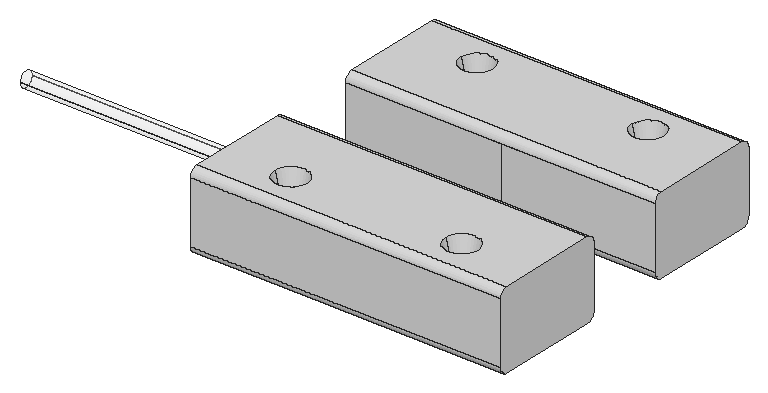
Revit family "Datchik polozheniya magnitogerkonovyy SK555", category Датчики, Revit 2023
Family settings
  Размер круглого соединителя = Использовать диаметр
  Тип детали = Нормальный
  Номер OmniClass = 23.85.50.17
  Заголовок OmniClass = Communication and Data Processing Equipment
  На основе рабочей плоскости = Нет
  Всегда вертикально = Да
  При загрузке вырезать с полостями = Нет
  Сохранять ориентацию аннотаций = Нет
  Общий = Нет
  Точка принадлежности помещению = Нет
Parameters (values of type "Датчик положения магнитогерконовый СК555 ABS")
  Тип геркона = "Нормально разомкнутый"
  Степень защиты оболочки = "IP66"
  Срок службы = "не менее 8 лет"
  Провод = yes
  Отметка по умолчанию = 0 mm
  Описание = "Датчик положения магнитогерконовый СК555 (далее датчик) предназначен для блокировки дверных и оконных проемов, других конструктивных элементов зданий и сооружений на открывание или смещение с выдачей извещения о тревоге на пульт централизованного наблюдения, прибор приёмно-контрольный или концентратор размыканием шлейфа сигнализации контактами встроенного геркона."
  Напряжение = "от 0,02 до 72 В"
  Максимальная мощность = "10 Вт"
  Кабель = Кабельный вывод
  Изготовитель = [ADSK_Завод-изготовитель]  # "ООО НПП «МАГНИТО-КОНТАКТ»"
  URL = "https://m-kontakt.ru/produkt/datch_dlya_magn_konstr/sk_555"
  ADSK_Размер_Ширина = 15 mm
  ADSK_Размер_Длина = 20 mm
  ADSK_Размер_Высота = 10 mm
  ADSK_Примечание = "Датчик предназначен для открытой установки на поверхности охраняемой конструкции."
  ADSK_Обозначение = "АТФЕ.425119.119"
  ADSK_Наименование краткое = "СК555"
  ADSK_Наименование = "Датчик положения магнитогерконовый СК555"
  ADSK_Материал = ABS пластик
  ADSK_Масса = 0.02
  ADSK_Завод-изготовитель = "ООО НПП «МАГНИТО-КОНТАКТ»"  # constant formula
  ADSK_Единица измерения = "шт."  # constant formula
Reference planes
  plane 1 "По центру (Вперед/Назад)": y = 0
  plane 2: z = 0
  plane 3 "По центру (Влево/Вправо)": x = 0
  plane 4: y = 5
  plane 5: y = -5
  plane 6: x = -20
  plane 7: x = 20
  plane 8: y = -20
  plane 9: y = 20
Forms (mm)
  Extrusion 1, solid, material "ABS пластик" <- "ADSK_Материал"
    sketch origin (0, 0, 0) x (1, 0, 0) y (0, 1, 0)
      loop
        line (0, 5) -> (20, 5) -> (20, 20) -> (-20, 20) -> (-20, 5) -> (0, 5)
      loop
        line (0, -5) -> (-20, -5) -> (-20, -20) -> (20, -20) -> (20, -5) -> (0, -5)
    from 0 to 10
  Extrusion 2, void
    sketch origin (0, 0, 0) x (1, 0, 0) y (0, 1, 0)
      loop
        circle (11.029, -15) r 1.611
      loop
        circle (-11.029, -15) r 1.611
      loop
        circle (11.029, 15) r 1.611
      loop
        circle (-11.029, 15) r 1.611
    from 0 to 10
  Extrusion 3, void
    sketch origin (0, 0, 0) x (0, 1, 0) y (0, 0, 1)
      loop
        line (20, 10) -> (18.981, 10)
        arc (18.981, 10) -> (19.702, 9.702) -> (20, 8.981) r 1.019
        line (20, 8.981) -> (20, 10)
      loop
        line (20, 0) -> (20, 1.029)
        arc (20, 1.029) -> (19.699, 0.301) -> (18.971, 0) r 1.029
        line (18.971, 0) -> (20, 0)
      loop
        line (5, 10) -> (5, 8.981)
        arc (5, 8.981) -> (5.298, 9.702) -> (6.019, 10) r 1.019
        line (6.019, 10) -> (5, 10)
      loop
        line (5, 0) -> (6.029, 0)
        arc (6.029, 0) -> (5.301, 0.301) -> (5, 1.029) r 1.029
        line (5, 1.029) -> (5, 0)
      loop
        line (-20, 10) -> (-20, 8.981)
        arc (-20, 8.981) -> (-19.702, 9.702) -> (-18.981, 10) r 1.019
        line (-18.981, 10) -> (-20, 10)
      loop
        line (-20, 0) -> (-18.971, 0)
        arc (-18.971, 0) -> (-19.699, 0.301) -> (-20, 1.029) r 1.029
        line (-20, 1.029) -> (-20, 0)
      loop
        line (-5, 10) -> (-6.019, 10)
        arc (-6.019, 10) -> (-5.298, 9.702) -> (-5, 8.981) r 1.019
        line (-5, 8.981) -> (-5, 10)
      loop
        line (-5, 0) -> (-5, 1.029)
        arc (-5, 1.029) -> (-5.301, 0.301) -> (-6.029, 0) r 1.029
        line (-6.029, 0) -> (-5, 0)
    from -22.5 to 22.5
  Extrusion 4, solid, material "Кабельный вывод" <- "Кабель", visible <- "Провод"
    sketch origin (0, -1.503, 0) x (0, 1, 0) y (0, 0, 1)
      loop
        circle (-7.51, 5.005) r 1
    from -20 to -50
  Blend 5, void
    base sketch origin (0, -2, 0) x (1, 0, 0) y (0, 1, 0)
      loop
        circle (-11.029, -13) r 1.611
    top sketch origin (0, -2, 0) x (1, 0, 0) y (0, 1, 0)
      loop
        circle (-11.029, -13) r 2.12
    from 8 to 10
  Blend 6, void
    base sketch origin (0, -2, 0) x (1, 0, 0) y (0, 1, 0)
      loop
        circle (11.029, -13) r 1.611
    top sketch origin (0, -2, 0) x (1, 0, 0) y (0, 1, 0)
      loop
        circle (11.029, -13) r 2.122
    from 8 to 10
  Blend 7, void
    base sketch origin (0, 0, 0) x (1, 0, 0) y (0, 1, 0)
      loop
        circle (-11.029, 15) r 1.611
    top sketch origin (0, 0, 0) x (1, 0, 0) y (0, 1, 0)
      loop
        circle (-11.029, 15) r 2.068
    from 8 to 10
  Blend 8, void
    base sketch origin (0, 0, 0) x (1, 0, 0) y (0, 1, 0)
      loop
        circle (11.029, 15) r 1.611
    top sketch origin (0, 0, 0) x (1, 0, 0) y (0, 1, 0)
      loop
        circle (11.029, 15) r 2.076
    from 8 to 10
  Blend 9, void
    base sketch origin (0, 0, 0) x (1, 0, 0) y (0, 1, 0)
      loop
        circle (-11.029, 15) r 2.068
    top sketch origin (0, 0, 0) x (1, 0, 0) y (0, 1, 0)
      loop
        circle (-11.029, 15) r 1.611
    from 0 to 2
  Blend 10, void
    base sketch origin (0, 0, 0) x (1, 0, 0) y (0, 1, 0)
      loop
        circle (11.029, 15) r 2.076
    top sketch origin (0, 0, 0) x (1, 0, 0) y (0, 1, 0)
      loop
        circle (11.029, 15) r 1.611
    from 0 to 2
  Blend 11, void
    base sketch origin (0, -2, 0) x (1, 0, 0) y (0, 1, 0)
      loop
        circle (-11.029, -13) r 2.12
    top sketch origin (0, -2, 0) x (1, 0, 0) y (0, 1, 0)
      loop
        circle (-11.029, -13) r 1.611
    from 0 to 2
  Blend 12, void
    base sketch origin (0, -2, 0) x (1, 0, 0) y (0, 1, 0)
      loop
        circle (11.029, -13) r 2.122
    top sketch origin (0, -2, 0) x (1, 0, 0) y (0, 1, 0)
      loop
        circle (11.029, -13) r 1.611
    from 0 to 2
Cuts and joins
  Extrusion 2, Extrusion 3, Blend 5, Blend 6, Blend 7, Blend 8, Blend 9, Blend 10, Blend 11, Blend 12 cuts Extrusion 1
Dimensions and locks
  "ADSK_Размер_Длина": plane 6 to plane 3 "По центру (Влево/Вправо)" to plane 7
  "ADSK_Размер_Ширина": plane 5 to plane 8
  "ADSK_Размер_Ширина": plane 9 to plane 4
  "ADSK_Размер_Высота": cut or joined group 1 (Extrusion 1, Extrusion 2, Extrusion 3, Blend 5, Blend 6, Blend 7, Blend 8, Blend 9, Blend 10, Blend 11, Blend 12) to cut or joined group 1
  aligned and locked: level to plane 2
  aligned and locked: cut or joined group 1 to plane 6  (x2)
  aligned and locked: plane 7 to cut or joined group 1  (x2)
  aligned and locked: plane 8 to cut or joined group 1
  aligned and locked: plane 9 to cut or joined group 1
  aligned and locked: cut or joined group 1 to plane 8  (x2)
Automatic sketch dimensions
  Extrusion 1 sketch curve to plane 6 = 0 mm  (x2)
  Extrusion 1 sketch curve to plane 4 = 0 mm
  Extrusion 1 sketch curve to plane 3 "По центру (Влево/Вправо)" = 0 mm  (x2)
  Extrusion 1 sketch curve to plane 5 = 0 mm
  Extrusion 1 sketch curve to plane 7 = 0 mm  (x2)
  Extrusion 1 sketch curve to plane 8 = 0 mm
  Extrusion 1 sketch curve to plane 9 = 0 mm
  Extrusion 2 sketch curve to plane 3 "По центру (Влево/Вправо)" = 11.029 mm  (x2)
  Extrusion 2 sketch curve to plane 9 = 5 mm  (x2)
  plane 3 "По центру (Влево/Вправо)" to Extrusion 2 sketch curve = 11.029 mm  (x2)
  plane 8 to Extrusion 2 sketch curve = 5 mm  (x2)
  Extrusion 3 sketch curve to level = 0 mm  (x4)
  Extrusion 3 sketch curve to plane 5 = 0 mm  (x2)
  Extrusion 3 sketch curve to plane 4 = 0 mm  (x2)
  Extrusion 3 sketch curve to plane 9 = 0 mm  (x2)
  Extrusion 3 sketch curve to plane 5 = 1.019 mm
  Extrusion 3 sketch curve to plane 5 = 1.029 mm
  level to Extrusion 3 sketch curve = 1.029 mm
  plane 8 to Extrusion 3 sketch curve = 1.029 mm
  plane 8 to Extrusion 3 sketch curve = 1.019 mm
  Extrusion 3 sketch curve to Extrusion 3 sketch curve = 1.019 mm  (x2)
  Extrusion 3 sketch curve to Extrusion 3 sketch curve = 1.029 mm
  Extrusion 3 sketch curve to plane 9 = 1.029 mm
  Extrusion 3 sketch curve to plane 9 = 1.019 mm
  Extrusion 3 sketch curve to Extrusion 3 sketch curve = 7.953 mm  (x4)
  Extrusion 4 sketch curve to plane 5 = 4.014 mm
  level to Extrusion 4 sketch curve = 5.005 mm
  Blend 5 sketch curve to plane 3 "По центру (Влево/Вправо)" = 11.029 mm  (x2)
  plane 8 to Blend 5 sketch curve = 5 mm  (x2)
  plane 3 "По центру (Влево/Вправо)" to Blend 6 sketch curve = 11.029 mm  (x2)
  plane 8 to Blend 6 sketch curve = 5 mm  (x2)
  Blend 7 sketch curve to plane 9 = 5 mm  (x2)
  Blend 7 sketch curve to plane 3 "По центру (Влево/Вправо)" = 11.029 mm  (x2)
  Blend 8 sketch curve to plane 9 = 5 mm  (x2)
  plane 3 "По центру (Влево/Вправо)" to Blend 8 sketch curve = 11.029 mm  (x2)
  Blend 9 sketch curve to plane 9 = 5 mm  (x2)
  Blend 9 sketch curve to plane 3 "По центру (Влево/Вправо)" = 11.029 mm  (x2)
  Blend 10 sketch curve to plane 9 = 5 mm  (x2)
  plane 3 "По центру (Влево/Вправо)" to Blend 10 sketch curve = 11.029 mm  (x2)
  Blend 11 sketch curve to plane 3 "По центру (Влево/Вправо)" = 11.029 mm  (x2)
  plane 8 to Blend 11 sketch curve = 5 mm  (x2)
  plane 3 "По центру (Влево/Вправо)" to Blend 12 sketch curve = 11.029 mm  (x2)
  plane 8 to Blend 12 sketch curve = 5 mm  (x2)
  radius of Extrusion 2 sketch curve = 1.611 mm  (x4)
  radius of Extrusion 4 sketch curve = 1 mm
  radius of Blend 5 sketch curve = 1.611 mm
  radius of Blend 5 sketch curve = 2.12 mm
  radius of Blend 6 sketch curve = 1.611 mm
  radius of Blend 6 sketch curve = 2.122 mm
  radius of Blend 7 sketch curve = 1.611 mm
  radius of Blend 7 sketch curve = 2.068 mm
  radius of Blend 8 sketch curve = 1.611 mm
  radius of Blend 8 sketch curve = 2.076 mm
  radius of Blend 9 sketch curve = 2.068 mm
  radius of Blend 9 sketch curve = 1.611 mm
  radius of Blend 10 sketch curve = 2.076 mm
  radius of Blend 10 sketch curve = 1.611 mm
  radius of Blend 11 sketch curve = 2.12 mm
  radius of Blend 11 sketch curve = 1.611 mm
  radius of Blend 12 sketch curve = 2.122 mm
  radius of Blend 12 sketch curve = 1.611 mm
Connectors
  electrical at (0, 0, 0)
    settings: index 1, voltage 0 V, apparent load 0 VA, apparent load phase1 0 VA, apparent load phase2 0 VA, apparent load phase3 0 VA, power factor 1, load classification "Прочее", number of poles 1, system type 10, power factor state 1, is connector primary yes, connector utility no, sub classification motor no, connector description ""
